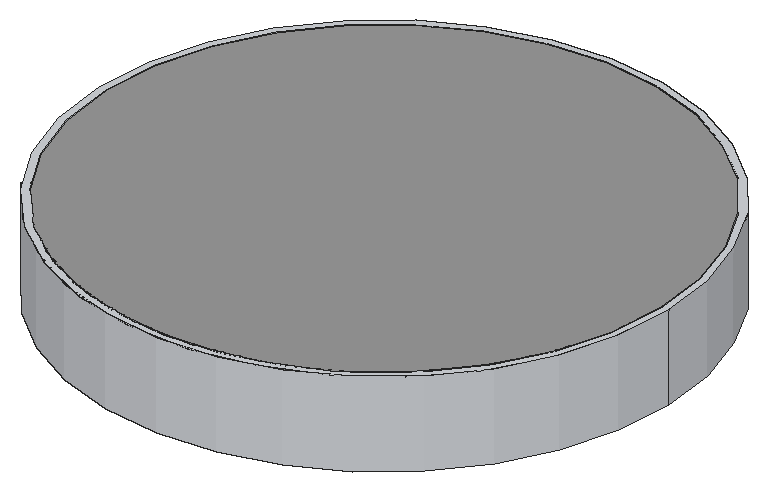
Revit family "2071126", category Lighting Fixtures, host Face, Revit 2018
Family settings
  Host = Face
  Round Connector Dimension = Use Diameter
  Part Type = Normal
  OmniClass Number = 23.80.70.00
  OmniClass Title = Lighting
  Cut with Voids When Loaded = No
  Light Source = Yes
  Shared = No
  Room Calculation Point = No
Parameters (values of type "2071126 COLOSSAL 400 940 PR DIR WHT")
  iner diameter = 390 mm
  Weight = "n/a"
  Wattage Comments = ""
  Wattage = 30 W
  WarrantyStartDate [instance] = "n/a"
  WarrantyGuarantorParts = "n/a"
  WarrantyDurationUnit = "n/a"
  WarrantyDurationParts = ""
  WarrantyDescription = "http://www.sylvania-lighting.com"
  built-in parameter 1150110 = 1 (stored number, unit not read)
  Voltage = 230 V
  URL = "0.93"
  TypeName = "COLOSSAL 400mm 940 PRISM DIR WHITE"
  Type Image = <None>
  Type Comments = "n/a"
  built-in parameter 1114217 = 1 (stored number, unit not read)
  Tilt Angle = -90.00°
  built-in parameter 1150109 = 1 (stored number, unit not read)
  built-in parameter 1150134 = (empty or 0)
  built-in parameter 1150113 = 1 (stored number, unit not read)
  SerialNumber [instance] = "n/a"
  Photometric Web File = "2071126.ies"
  Material_3_SYL = LED-Sylvania
  PowerFactor = 0
  PowerConsumption = "Lighting"
  NominalLength = 400 mm
  NominalHeight = 93 mm
  NominalDepth = 400 mm
  Name = "COLOSSAL 400mm 940 PRISM DIR WHITE"
  ModelReference = Name  # "COLOSSAL 400mm 940 PRISM DIR WHITE"
  ModelNumber = "2071126"
  Model = Name  # "COLOSSAL 400mm 940 PRISM DIR WHITE"
  Material = "Feilo Sylvania"
  ManufacturerName = "103 lm/W"
  Manufacturer = ""
  LuminousEfficacy = ""
  built-in parameter 1150105 = 270.44 (stored number, unit not read)
  Lumens = 3398.4 lm
  LuminaireType = "0"
  built-in parameter 1150115 = 1 (stored number, unit not read)
  LightOutputRatio = "LED"
  built-in parameter 1150137 = (empty or 0)
  built-in parameter 1150139 = (empty or 0)
  LampsType = Lamp  # "n/a"
  LampNominalLuminous = "4000 K"
  LampMacAdamStep = "90"
  LampColourTemperature = "LED"
  LampColourRenderingIndex = "16500"
  built-in parameter 1150112 = 1 (stored number, unit not read)
  built-in parameter 1150114 = 1 (stored number, unit not read)
  Lamp = "n/a"
  Keynote = "n/a"
  InstallationDate [instance] = "n/a"
  InputVoltage = "0"
  InputNominalFrequency = "4000"
  built-in parameter 1150132 = (empty or 0)
  built-in parameter 1150102 = (empty or 0)
  built-in parameter 1150107 = 3000 (stored number, unit not read)
  built-in parameter 1150138 = (empty or 0)
  IngressProtection = "IfcLightFixtureType"
  ImpactProtectionIndex = "IfcLightFixtureType"
  built-in parameter 1150106 = 2.7044 (stored number, unit not read)
  IfcExportType = "IfcLightFixtureType"
  IfcExportAs = "Class I"
  Emit from Circle Diameter = 385 mm
  Emit Shape Visible in Rendering = no
  ElectricShockClassification = "103"
  built-in parameter 1150104 = 10.524 (stored number, unit not read)
  DocumentationLiterature = "http://www.sylvania-lighting.com/product/en-int/products/2071126"
  DimmingControlOptions = "n/a"
  Material_2_SYL = Polycarbonate_Sylvania_White
  Dimming Lamp Color Temperature Shift = <None>
  Description = "400mm diameter circular architectural luminaire, can be surface mounted or suspended. Powder coated aluminium housing (RAL9016) with PMMA prismatic diffuser. Direct light distribution, 1650lm luminuous flux, 16W system power, 103lm/W luminiaire efficacy. Constant current driver. Colour rendering index Ra >90, 4000K Neutral White LED, chromaticity tolerance of 3-step MacAdam ellipse. IP40, IK03. 350mA drive current. UGR≤19. Electrical protection Class1, 220-240V. Reported lifetime 66k hours L90B10."
  Default Elevation = 1219.2 mm
  CreatedOn = "22/03/2022"
  CreatedBy = "@sylvania-lighting.com"
  Cost = 0
  Color Filter = 16777215
  built-in parameter 1114216 [instance] = (empty or 0)
  ClassificationValue = "EF_70_80"
  ClassificationName = "Uniclass2015"
  Material_1_SYL = Polycarbonate_Sylvania_Opal
  BarCode [instance] = "n/a"
  built-in parameter 1114218 = 1 (stored number, unit not read)
  built-in parameter 1150133 = 10 (stored number, unit not read)
  AssetType = "Fixed"
  AssetIdentifier [instance] = "n/a"
  Assembly Code = "D5020200"
  Apparent Load = 16 VA
  Material_4_SYL = none
Reference planes
  plane 1 "Center (Front/Back)": y = 0
  plane 2: z = 0
  plane 3 "Center (Left/Right)": x = 0
  plane 4: x = -200
  plane 5: x = 200
  plane 6: y = 200
  plane 7: y = -200
  plane 8: y = 236
  plane 9: y = -236
  plane 10: z = 93
  plane 11: y = 195
  plane 12: y = -195
  plane 13: y = 90.5
  plane 14: y = 144.5
  plane 15: through (52.25, 90.5, 1219.2) normal (0.866, 0.5, 0)
  plane 16: through (52.25, 90.5, 1219.2) normal (0.866, 0.5, 0)
  plane 17: through (63.706, 126.657, 1219.2) normal (0.866, 0.5, 0)
  plane 18: through (-104.5, 0, 1219.2) normal (-0.866, 0.5, 0)
  plane 19: through (-142.394, -9.633, 1219.2) normal (-0.866, 0.5, 0)
  plane 20: y = -90.5
  plane 21: y = -118.5
  plane 22: through (85.371, -141.133, 1219.2) normal (-0.866, 0.5, 0)
  plane 23: through (52.25, -90.5, 1219.2) normal (-0.866, 0.5, 0)
  plane 24: through (-161.658, 0, 1219.2) normal (0.866, 0.5, 0)
  plane 25: through (-172.12, 9.121, 1219.2) normal (0.866, 0.5, 0)
  plane 26: through (-104.5, 0, 1219.2) normal (0.866, 0.5, 0)
Forms (mm)
  Extrusion 1, solid, detail levels medium+fine
    sketch origin (0, 0, 0) x (1, 0, 0) y (0, 1, 0)
      loop
        circle (0, 0) r 200
    from 33.023 to 93
  Extrusion 2, void
    sketch origin (0, 0, 0) x (1, 0, 0) y (0, 1, 0)
      loop
        circle (0, 0) r 195
    from 93 to 37.292
  Extrusion 3, solid, material "Glass, White, High Luminance", detail levels fine
    sketch origin (0, 0, 0) x (1, 0, 0) y (0, 1, 0)
      loop
        circle (0, 0) r 195
    from 88.026 to 93
  Extrusion 4, solid, detail levels coarse
    sketch origin (0, 0, 0) x (1, 0, 0) y (0, 1, 0)
      loop
        line (-200, 200) -> (-200, -200) -> (200, -200) -> (200, 200) -> (-200, 200)
    from 0 to 93
  Blend 5, solid, detail levels medium+fine
    base sketch origin (0, 0, 0) x (1, 0, 0) y (0, 1, 0)
      loop
        line (-52.25, 90.5) -> (-104.5, 0) -> (-52.25, -90.5) -> (52.25, -90.5) -> (104.5, 0) -> (52.25, 90.5) -> (-52.25, 90.5)
    top sketch origin (0, 0, 0) x (1, 0, 0) y (0, 1, 0)
      loop
        line (-53.405, 144.5) -> (-149.245, -21.5) -> (-93.242, -118.5) -> (98.438, -118.5) -> (151.843, -26) -> (53.405, 144.5) -> (-53.405, 144.5)
    from 0 to 33.023
Cuts and joins
  Extrusion 2 cuts Extrusion 1
Dimensions and locks
  "NominalDepth": plane 6 to plane 7
  "NominalLength": plane 4 to plane 5
  equal spacing: plane 4, plane 3 "Center (Left/Right)", plane 5
  "iner diameter": plane 11 to plane 12
  equal spacing: plane 11, plane 1 "Center (Front/Back)", plane 12
  equal spacing: plane 6, plane 1 "Center (Front/Back)", plane 7
  "NominalHeight": plane 10 to level
  plane 19 to plane 18 = 28 mm
  radius of Extrusion 2 sketch curve = 195 mm
  aligned and locked: plane 2 to host face
  aligned and locked: level to host face
Automatic sketch dimensions
  host sketch curve to host sketch curve = 2438.4 mm  (x2)
  plane 1 "Center (Front/Back)" to Extrusion 1 sketch curve = 0 mm
  Extrusion 1 sketch curve to plane 3 "Center (Left/Right)" = 0 mm
  plane 1 "Center (Front/Back)" to Extrusion 2 sketch curve = 0 mm
  Extrusion 2 sketch curve to plane 3 "Center (Left/Right)" = 0 mm
  plane 1 "Center (Front/Back)" to Extrusion 3 sketch curve = 0 mm
  Extrusion 3 sketch curve to plane 3 "Center (Left/Right)" = 0 mm
  Extrusion 4 sketch curve to plane 4 = 0 mm
  Extrusion 4 sketch curve to plane 5 = 0 mm
  Extrusion 4 sketch curve to plane 7 = 0 mm
  Extrusion 4 sketch curve to plane 6 = 0 mm
  Blend 5 sketch curve to plane 19 = 0 mm  (x2)
  Blend 5 sketch curve to plane 24 = 0 mm  (x2)
  Blend 5 sketch curve to plane 21 = 0 mm
  Blend 5 sketch curve to plane 14 = 0 mm
  Blend 5 sketch curve to plane 17 = 0 mm  (x2)
  Blend 5 sketch curve to plane 22 = 0 mm  (x2)
  radius of Extrusion 1 sketch curve = 200 mm
  radius of Extrusion 3 sketch curve = 195 mm
Connectors
  electrical at (0, 0, 0), driven by "Apparent Load", driven by "PowerFactor", driven by "Voltage"
    settings: index 1, voltage 230 V, apparent load 16 VA, apparent load phase1 0 VA, apparent load phase2 0 VA, apparent load phase3 0 VA, power factor 0, load classification "Lighting", number of poles 1, system type 30, power factor state 1, is connector primary yes, connector utility no, sub classification motor no, connector description ""
